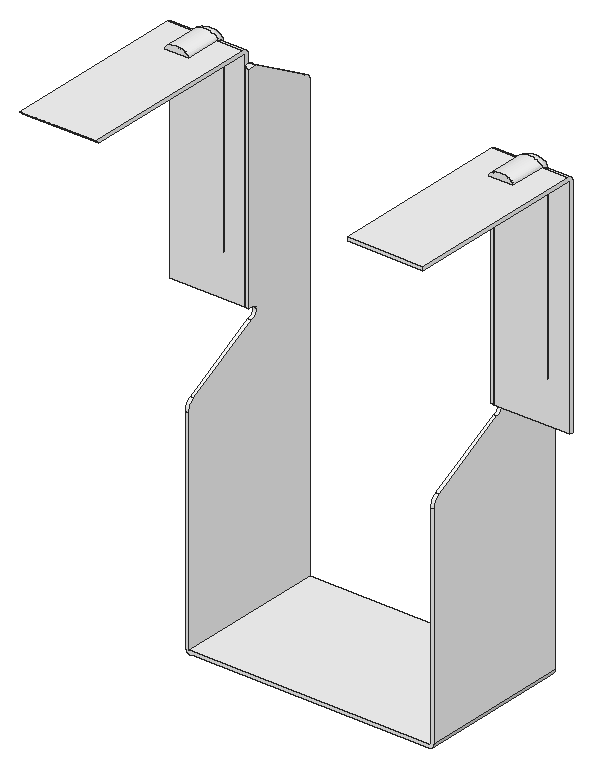
Revit family "sqclip_4045", category 機械設備, Revit 2022
Family settings
  丸型コネクタ寸法 = 直径を使用
  種別 = なし
  パーツ タイプ = 標準
  作業面ベース = いいえ
  常に垂直 = はい
  ロード時にボイドで切り取り = いいえ
  注釈の向きを維持 = いいえ
  共有 = いいえ
  部屋計算ポイント = いいえ
Parameters
  製造元 = "株式会社桐井製作所"
  既定の高さ = 0 mm
  URL = "https://www.kirii.co.jp/"
  K_材質 = "溶融亜鉛めっき鋼板"
  K_品名 = "SQクリップ4045用"
  K_名称 = "SQ-BAR関連部材"
  K_入数 = "150"
  K_バージョン情報 = "20210524"
Reference planes
  plane 1 "中心(正面/背面)": y = 0
  plane 2: z = 0
  plane 3 "中心(左/右)": x = 0
Forms (mm)
  Extrusion 1, solid
    sketch origin (0, 0, 0) x (1, 0, 0) y (0, 0, 1)
      loop
        line (20.05, 81.313) -> (20.05, 0.6) -> (-20.05, 0.6) -> (-20.05, 81.316) -> (-20.65, 81.916) -> (-20.65, 1)
        arc (-20.65, 1) -> (-20.357, 0.293) -> (-19.65, 0) r 1
        line (-19.65, 0) -> (19.65, 0)
        arc (19.65, 0) -> (20.357, 0.293) -> (20.65, 1) r 1
        line (20.65, 1) -> (20.65, 81.913) -> (20.05, 81.313)
    from -12.6 to 12.4
  Extrusion 2, solid
    sketch origin (0, 0, -0.021) x (0, 1, 0) y (0, 0, 1)
      loop
        line (-0.4, 84.2) -> (-31.01, 84.2) -> (-30.41, 83.6) -> (0, 83.6) -> (0, 45.931) -> (0.6, 45.331) -> (0.6, 83.2)
        arc (0.6, 83.2) -> (0.307, 83.907) -> (-0.4, 84.2) r 1
    from 20.65 to 33.15
  Sweep 3, solid
    path origin (26.9, 0, 0) x (0, 1, 0) y (0, 0, 1)
      loop
        line (0.6, 50.945) -> (0.6, 83.2)
        arc (0.6, 83.2) -> (0.307, 83.907) -> (-0.4, 84.2) r 1
        line (-0.4, 84.2) -> (-6.381, 84.2)
    profile origin (26.9, -3.39, 84.2) x (0, 0, -1) y (1, 0, 0)
      loop
        line (0, -2) -> (0, 2)
        spline (0, 2) -> (-0.259, 1.932) -> (-0.501, 1.732) -> (-0.709, 1.414) -> (-0.868, 1) -> (-0.968, 0.518) -> (-1.002, 0) -> (-0.968, -0.518) -> (-0.868, -1) -> (-0.709, -1.414) -> (-0.501, -1.732) -> (-0.259, -1.932) -> (0, -2)
  Extrusion 4, void
    sketch origin (0, 0, 5) x (0, 1, 0) y (0, 0, 1)
      loop
        line (0.6, 40.912) -> (-0.2, 40.912) -> (-0.2, 40.112) -> (0.6, 40.112) -> (0.6, 40.912)
    from 20.05 to 33.15
  Extrusion 5, void
    sketch origin (0, 0, 4.796) x (0, 1, 0) y (0, 0, 1)
      loop
        line (-30.405, 78.6) -> (-30.405, 79.382) -> (-31.205, 79.382) -> (-31.205, 78.6) -> (-30.405, 78.6)
    from 20.65 to 33.15
  Extrusion 6, void
    sketch origin (0, 0, 5.619) x (0, 1, 0) y (0, 0, 1)
      loop
        line (-11.339, 31.945) -> (0.608, 38.298)
        arc (0.608, 38.298) -> (1.595, 39.209) -> (0.8, 40.291) r 1.008
        line (0.8, 40.291) -> (0, 40.291) -> (0, 76.928) -> (-12.4, 76.928) -> (-12.4, 30.179)
        arc (-12.4, 30.179) -> (-12.114, 31.209) -> (-11.339, 31.945) r 2
    from 20.05 to 21.265
  Extrusion 7, void
    sketch origin (0, 0, 0) x (1, 0, 0) y (0, 0, 1)
      loop
        line (24.9, 52.912) -> (24.9, 50.565) -> (28.9, 50.565) -> (28.9, 52.912)
        arc (28.9, 52.912) -> (26.9, 50.912) -> (24.9, 52.912) r 2
    from -1.6 to -0.6
  Extrusion 8, void
    sketch origin (0, 0, 0) x (0, 1, 0) y (0, 0, 1)
      loop
        arc (12.1, 75.289) -> (12.466, 74.923) -> (12.6, 74.423) r 1
        line (12.6, 74.423) -> (12.6, 81.919) -> (0.616, 81.919) -> (12.1, 75.289)
    from 20.05 to 20.65
  Extrusion 9, solid
    sketch origin (0, 0, -0.021) x (0, 1, 0) y (0, 0, -1)
      loop
        arc (-0.4, -84.2) -> (0.307, -83.907) -> (0.6, -83.2) r 1
        line (0.6, -83.2) -> (0.6, -45.331) -> (0, -45.931) -> (0, -83.6) -> (-30.41, -83.6) -> (-31.01, -84.2) -> (-0.4, -84.2)
    from 20.65 to 33.15
  Sweep 10, solid
    path origin (-26.9, 0, 0) x (0, 1, 0) y (0, 0, -1)
      loop
        line (0.6, -50.945) -> (0.6, -83.2)
        arc (0.6, -83.2) -> (0.307, -83.907) -> (-0.4, -84.2) r 1
        line (-0.4, -84.2) -> (-6.381, -84.2)
    profile origin (-26.9, -3.39, 84.2) x (0, 0, 1) y (-1, 0, 0)
      loop
        spline (0, -2) -> (0.259, -1.932) -> (0.501, -1.732) -> (0.709, -1.414) -> (0.868, -1) -> (0.968, -0.518) -> (1.002, 0) -> (0.968, 0.518) -> (0.868, 1) -> (0.709, 1.414) -> (0.501, 1.732) -> (0.259, 1.932) -> (0, 2)
        line (0, 2) -> (0, -2)
  Extrusion 11, void
    sketch origin (0, 0, 5) x (0, 1, 0) y (0, 0, -1)
      loop
        line (0.6, -40.912) -> (0.6, -40.112) -> (-0.2, -40.112) -> (-0.2, -40.912) -> (0.6, -40.912)
    from 20.65 to 33.15
  Extrusion 12, void
    sketch origin (0, 0, 0) x (-1, 0, 0) y (0, 0, -1)
      loop
        arc (24.9, -52.912) -> (26.9, -50.912) -> (28.9, -52.912) r 2
        line (28.9, -52.912) -> (28.9, -50.565) -> (24.9, -50.565) -> (24.9, -52.912)
    from -1.6 to -0.6
  Extrusion 13, void
    sketch origin (0, 0, 5.619) x (0, 1, 0) y (0, 0, -1)
      loop
        arc (-11.339, -31.945) -> (-12.114, -31.209) -> (-12.4, -30.179) r 2
        line (-12.4, -30.179) -> (-12.4, -76.928) -> (0, -76.928) -> (0, -40.291) -> (0.8, -40.291)
        arc (0.8, -40.291) -> (1.595, -39.209) -> (0.608, -38.298) r 1.008
        line (0.608, -38.298) -> (-11.339, -31.945)
    from 20.05 to 21.265
  Extrusion 14, void
    sketch origin (0, 0, 0) x (0, 1, 0) y (0, 0, -1)
      loop
        line (12.1, -75.289) -> (0.616, -81.919) -> (12.6, -81.919) -> (12.6, -74.423)
        arc (12.6, -74.423) -> (12.466, -74.923) -> (12.1, -75.289) r 1
    from 20.05 to 20.65
Cuts and joins
  Extrusion 4, Extrusion 5, Extrusion 6, Extrusion 7, Extrusion 11, Extrusion 12, Extrusion 13 cuts Extrusion 2
  Extrusion 6, Extrusion 8, Extrusion 11, Extrusion 13, Extrusion 14 cuts Extrusion 1
  Extrusion 7 cuts Sweep 3
  Extrusion 11 cuts Extrusion 9
  Extrusion 12 cuts Sweep 10
Dimensions and locks
  aligned and locked: level to plane 2
